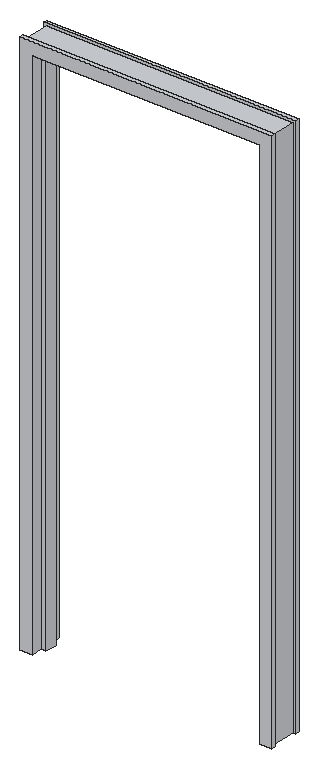
Revit family "BG_DORc_DoorFrame-DoubleRebate", category Doors, Revit 2020
Family settings
  Work Plane-Based = Yes
  Always vertical = Yes
  Cut with Voids When Loaded = No
  Shared = No
  Room Calculation Point = No
Parameters (values of type "Double Rebate")
  Width [instance] = 920 mm
  Trim projection V [instance] = 12 mm
  Trim projection H [instance] = 10 mm
  Throat I [instance] = 50 mm
  Throat E [instance] = 50 mm
  Hinge gap [instance] = 3 mm
  Height [instance] = 2040 mm
  Frame width [instance] = 40 mm
  Finish [instance] = none
  Door rebate [instance] = 40 mm
  Default Elevation = 1219.2 mm
Reference planes
  plane 1 "Center (Front/Back)": y = 0
  plane 2: z = 0
  plane 3 "Right": x = 0
  plane 4 "Left": x = -920
  plane 5: z = 2040
Forms (mm)
  Sweep 1, solid, material <- "Finish"
    path origin (0, 0, 0) x (1, 0, 0) y (0, 0, 1)
      loop
        line (-920, 0) -> (-920, 2040) -> (0, 2040) -> (0, 0)
    profile "BG_PRF_DoorFrame-DoubleRebate : Double rebate" origin (-920, 0, 1020) x (-1, 0, 0) y (0, -1, 0)
      loop
        line (10, 62) -> (-37, 62) -> (-37, 22) -> (-55.541, 22) -> (-55.541, -22) -> (-37, -22) -> (-37, -62) -> (10, -62) -> (10, -50) -> (0, -50) -> (0, 50) -> (10, 50) -> (10, 62)
Dimensions and locks
  "Width": plane 4 "Left" to plane 3 "Right"
  "Height": plane 5 to level
  aligned and locked: level to plane 2
  aligned and locked: Sweep 1 sketch curve to plane 4 "Left"
  aligned and locked: Sweep 1 sketch curve to plane 5
  aligned and locked: Sweep 1 sketch curve to plane 3 "Right"
  aligned and locked: level to Sweep 1 sketch curve  (x2)
